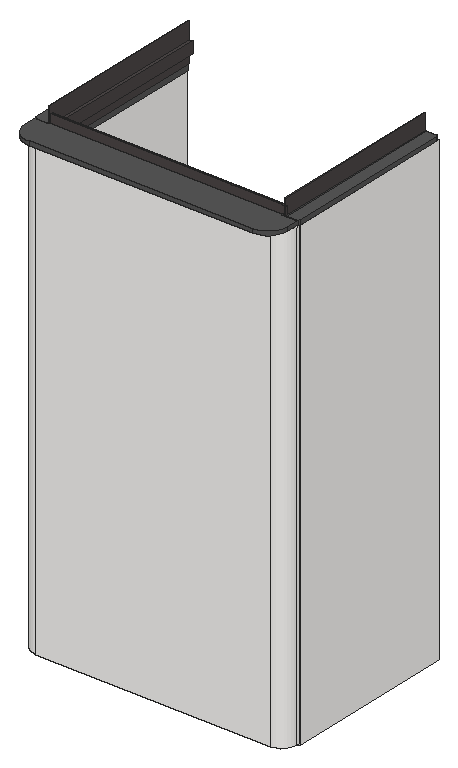
Revit family "vanity unit for handrinse basin, door hinge", category Furniture, Revit 2019 (continued)
Definition of nested family "vanity unit 340_245 for handrinse basin, door hinge right-54016670-diamond matt grey-matt_black-400_content"
  Forms (mm)
    Extrusion 11, solid, visible <- "ContentVisible", detail levels medium+fine
      sketch origin (0, 0, 600) x (1, 0, 0) y (0, 1, 0)
        loop
          line (167, 0) -> (154, 0)
      from 0 to 5
    Extrusion 12, solid, visible <- "ContentVisible", detail levels medium+fine
      sketch origin (0, 0, 0) x (1, 0, 0) y (0, 0, -1)
        loop
          line (-152.5, -575.3) -> (-152.5, -624.5) -> (-151, -624.5) -> (-151, -602.8) -> (-146.4, -602.8) -> (-146.4, -588.3) -> (-151, -588.3) -> (-151, -575.3) -> (-152.5, -575.3)
      from -223.5 to 0
    Extrusion 13, solid, visible <- "ContentVisible", detail levels medium+fine
      sketch origin (0, 0, 0) x (1, 0, 0) y (0, 0, -1)
        loop
          line (146.4, -588.3) -> (146.4, -602.8) -> (151, -602.8) -> (151, -624.5) -> (152.5, -624.5) -> (152.5, -575.3) -> (151, -575.3) -> (151, -588.3) -> (146.4, -588.3)
      from -223.5 to 0
    Extrusion 14, solid, visible <- "ContentVisible", detail levels medium+fine
      sketch origin (0, 0, 0) x (0, 0, -1) y (0, 1, 0)
        loop
          line (-616, -223.5) -> (-567, -223.5) -> (-567, -222) -> (-588.5, -222) -> (-588.5, -217.4) -> (-603, -217.4) -> (-603, -222) -> (-616, -222) -> (-616, -223.5)
      from -152.5 to 152.5
    Extrusion 15, solid, visible <- "ContentVisible", detail levels coarse
      sketch origin (0, -133, 0) x (1, 0, 0) y (0, 1, 0)
        loop
          line (-170, -133) -> (170, -133) -> (170, 133) -> (-170, 133) -> (-170, -133)
      from 0 to 624.5
  Dimensions and locks
    aligned and locked: level to plane 2
Definition of nested family "vanity unit 340_245 for handrinse basin, door hinge right-54016700-diamond matt grey-matt_white-200_content"
  Parameters (values of type "Vanity unit 340_245 for handrinse basin, door hinge right-54016700-Diamond Matt Grey-MATT_WHITE-200_Content")
    etim7_EC011381 = "EC011381"
    WEIGHT = "9.9"
    UNSPSC = "56 | Furniture and Furnishings"
    UNIFORMATII = "E2010 | Fixed Furnishings"
    UNICLASS_2015_CODE = "40_30_78_05"
    UNICLASS2015 = "Pr_40_30_78_05 | Bathroom furniture"
    SURFACE = "MATT_WHITE"
    REGIONSET = "Worldwide"
    PRODUCTURL = "https://pro.hansgrohe.com/articledetail--54016000"
    PRODUCTGROUP = "vanity unit"
    PRODUCTFAMILY = "Xelu Q"
    PERMALINK = "54016XXX"
    OMNICLASS = "23-21 19 15 33 13 | Residential Bathroom Specialty Casework"
    OBJECTTYPE = "Object (single object)"
    OBERFLAECHE = "Diamond Matt Grey"
    NN = "Vanity Unit for handrinse basin, door hinge"
    NBSYN = "$BASENUMBER.-$ARTNR.-$OBERFLAECHE.-$SURFACE.-$LODLEVEL."
    NB = "Vanity unit 340/245 for handrinse basin, door hinge right-54016700-Diamond Matt Grey-MATT_WHITE-200"
    NAME = "Xelu Q Vanity unit Diamond Matt Grey 340/245 for handrinse basin, door hinge right"
    Model = "Vanity unit 340/245 for handrinse basin, door hinge right-54016700-Diamond Matt Grey-MATT_WHITE-200"
    Manufacturer = "Hansgrohe"
    MASTERFORMAT = "12 35 30.23 | Bathroom Casework"
    LODLEVEL = "200"
    LINA = "Vanity unit 340/245 for handrinse basin, door hinge right-54016700-Diamond Matt Grey-MATT_WHITE-200"
    L = 340
    IFC = "Furnishing element"
    GTINCODE = "4059625454886"
    ETIM = "EC011381 | Bathroom furniture set"
    Default Elevation = 1219.2 mm
    DESIGN = "Germany"
    ContentVisible [instance] = yes
    CATALOG = "Hansgrohe"
    BIMOBJECT = "Sanitary: Compound units"
    BASENUMBER = "Vanity unit 340/245 for handrinse basin, door hinge right"
    ARTNR = "54016700"
  Reference planes
    plane 1 "Center (Front/Back)": y = 0
    plane 2: z = 0
    plane 3 "Center (Left/Right)": x = 0
  Forms (mm)
    Extrusion 1, solid, visible <- "ContentVisible", detail levels medium+fine
      sketch origin (0, 0, 0) x (1, 0, 0) y (0, 1, 0)
        loop
          line (-170, 0) -> (-170, -246) -> (170, -246) -> (170, 0) -> (154, 0) -> (154, -72) -> (-154, -72) -> (-154, 0) -> (-170, 0)
      from 0 to 600
    Extrusion 2, solid, visible <- "ContentVisible", detail levels medium+fine
      sketch origin (0, 0, 600) x (1, 0, 0) y (0, 1, 0)
        loop
          line (-168.5, -223.5) -> (-168.5, -266) -> (168.5, -266) -> (168.5, -223.5) -> (-168.5, -223.5)
      from 0 to 5
    Extrusion 3, solid, visible <- "ContentVisible", detail levels medium+fine
      sketch origin (0, 0, 0) x (1, 0, 0) y (0, 0, -1)
        loop
          line (-154, -566.8) -> (-154, -605) -> (-152.5, -605) -> (-152.5, -566.8) -> (-154, -566.8)
      from -225 to 0
    Extrusion 4, solid, visible <- "ContentVisible", detail levels medium+fine
      sketch origin (0, 0, 0) x (1, 0, 0) y (0, 0, -1)
        loop
          line (152.5, -566.8) -> (152.5, -605) -> (154, -605) -> (154, -566.8) -> (152.5, -566.8)
      from -225 to 0
    Extrusion 5, solid, visible <- "ContentVisible", detail levels medium+fine
      sketch origin (0, 0, 600) x (1, 0, 0) y (0, 1, 0)
        loop
          line (-170, 0) -> (-170, -225) -> (-154, -225) -> (-154, 0) -> (-170, 0)
      from 0 to 5
    Extrusion 6, solid, visible <- "ContentVisible", detail levels medium+fine
      sketch origin (0, 0, 600) x (1, 0, 0) y (0, 1, 0)
        loop
          line (154, 0) -> (154, -225) -> (170, -225) -> (170, 0) -> (154, 0)
      from 0 to 5
    Extrusion 7, solid, visible <- "ContentVisible", detail levels medium+fine
      sketch origin (0, 0, 0) x (1, 0, 0) y (0, 0, -1)
        loop
          line (-152.5, -575.3) -> (-152.5, -624.5) -> (-146.4, -624.5) -> (-146.4, -575.3) -> (-152.5, -575.3)
      from -223.5 to 0
    Extrusion 8, solid, visible <- "ContentVisible", detail levels medium+fine
      sketch origin (0, 0, 0) x (1, 0, 0) y (0, 0, -1)
        loop
          line (146.4, -575.3) -> (146.4, -624.5) -> (152.5, -624.5) -> (152.5, -575.3) -> (146.4, -575.3)
      from -223.5 to 0
    Extrusion 9, solid, visible <- "ContentVisible", detail levels medium+fine
      sketch origin (0, 0, 0) x (0, 0, -1) y (0, 1, 0)
        loop
          line (-616, -223.5) -> (-567, -223.5) -> (-567, -217.4) -> (-616, -217.4) -> (-616, -223.5)
      from -152.5 to 152.5
    Extrusion 10, solid, visible <- "ContentVisible", detail levels coarse
      sketch origin (0, -133, 0) x (1, 0, 0) y (0, 1, 0)
        loop
          line (-170, -133) -> (170, -133) -> (170, 133) -> (-170, 133) -> (-170, -133)
      from 0 to 624.5
  Dimensions and locks
    aligned and locked: level to plane 2
Definition of nested family "vanity unit 340_245 for handrinse basin, door hinge right-54016700-diamond matt grey-matt_white-400_content"
  Parameters (values of type "Vanity unit 340_245 for handrinse basin, door hinge right-54016700-Diamond Matt Grey-MATT_WHITE-400_Content")
    etim7_EC011381 = "EC011381"
    WEIGHT = "9.9"
    UNSPSC = "56 | Furniture and Furnishings"
    UNIFORMATII = "E2010 | Fixed Furnishings"
    UNICLASS_2015_CODE = "40_30_78_05"
    UNICLASS2015 = "Pr_40_30_78_05 | Bathroom furniture"
    SURFACE = "MATT_WHITE"
    REGIONSET = "Worldwide"
    PRODUCTURL = "https://pro.hansgrohe.com/articledetail--54016000"
    PRODUCTGROUP = "vanity unit"
    PRODUCTFAMILY = "Xelu Q"
    PERMALINK = "54016XXX"
    OMNICLASS = "23-21 19 15 33 13 | Residential Bathroom Specialty Casework"
    OBJECTTYPE = "Object (single object)"
    OBERFLAECHE = "Diamond Matt Grey"
    NN = "Vanity Unit for handrinse basin, door hinge"
    NBSYN = "$BASENUMBER.-$ARTNR.-$OBERFLAECHE.-$SURFACE.-$LODLEVEL."
    NB = "Vanity unit 340/245 for handrinse basin, door hinge right-54016700-Diamond Matt Grey-MATT_WHITE-400"
    NAME = "Xelu Q Vanity unit Diamond Matt Grey 340/245 for handrinse basin, door hinge right"
    Model = "Vanity unit 340/245 for handrinse basin, door hinge right-54016700-Diamond Matt Grey-MATT_WHITE-400"
    Manufacturer = "Hansgrohe"
    MASTERFORMAT = "12 35 30.23 | Bathroom Casework"
    LODLEVEL = "400"
    LINA = "Vanity unit 340/245 for handrinse basin, door hinge right-54016700-Diamond Matt Grey-MATT_WHITE-400"
    L = 340
    IFC = "Furnishing element"
    GTINCODE = "4059625454886"
    ETIM = "EC011381 | Bathroom furniture set"
    Default Elevation = 1219.2 mm
    DESIGN = "Germany"
    ContentVisible [instance] = yes
    CATALOG = "Hansgrohe"
    BIMOBJECT = "Sanitary: Compound units"
    BASENUMBER = "Vanity unit 340/245 for handrinse basin, door hinge right"
    ARTNR = "54016700"
  Reference planes
    plane 1 "Center (Front/Back)": y = 0
    plane 2: z = 0
    plane 3 "Center (Left/Right)": x = 0
  Forms (mm)
    Extrusion 1, solid, visible <- "ContentVisible", detail levels medium+fine
      sketch origin (0, 0, 0) x (1, 0, 0) y (0, 1, 0)
        loop
          line (-170, 0) -> (-170, -222)
          arc (-170, -222) -> (-169.121, -224.121) -> (-167, -225) r 3
          line (-167, -225) -> (-154, -225) -> (-154, 0) -> (-170, 0)
      from 0 to 600
    Extrusion 2, solid, visible <- "ContentVisible", detail levels medium+fine
      sketch origin (0, 0, 2) x (1, 0, 0) y (0, 1, 0)
        loop
          line (-154, -88) -> (-154, -225) -> (154, -225) -> (154, -88) -> (-154, -88)
      from 0 to 16
    Extrusion 3, solid, visible <- "ContentVisible", detail levels medium+fine
      sketch origin (0, 0, 0) x (1, 0, 0) y (0, 1, 0)
        loop
          line (154, 0) -> (154, -225) -> (167, -225)
          arc (167, -225) -> (169.121, -224.121) -> (170, -222) r 3
          line (170, -222) -> (170, 0) -> (154, 0)
      from 0 to 600
    Extrusion 4, solid, visible <- "ContentVisible", detail levels medium+fine
      sketch origin (0, 0, 2) x (1, 0, 0) y (0, 1, 0)
        loop
          line (-154, -72) -> (-154, -88) -> (154, -88) -> (154, -72) -> (-154, -72)
      from 0 to 126
    Extrusion 5, solid, visible <- "ContentVisible", detail levels medium+fine
      sketch origin (0, 0, 2) x (1, 0, 0) y (0, 1, 0)
        loop
          arc (-170, -227) -> (-164.435, -240.435) -> (-151, -246) r 19
          line (-151, -246) -> (151, -246)
          arc (151, -246) -> (164.435, -240.435) -> (170, -227) r 19
          line (170, -227) -> (170, -225) -> (-170, -225) -> (-170, -227)
      from 0 to 598
    Extrusion 6, solid, visible <- "ContentVisible", detail levels medium+fine
      sketch origin (0, 0, 600) x (1, 0, 0) y (0, 1, 0)
        loop
          line (-168.5, -225) -> (-168.5, -241)
          arc (-168.5, -241) -> (-161.178, -258.678) -> (-143.5, -266) r 25
          line (-143.5, -266) -> (143.5, -266)
          arc (143.5, -266) -> (161.178, -258.678) -> (168.5, -241) r 25
          line (168.5, -241) -> (168.5, -225) -> (148.5, -225) -> (148.5, -223.5) -> (-148.5, -223.5) -> (-148.5, -225) -> (-168.5, -225)
      from 0 to 5
    Extrusion 7, solid, visible <- "ContentVisible", detail levels medium+fine
      sketch origin (0, 0, 0) x (0, 0, -1) y (0, 1, 0)
        loop
          line (-600, -223.5) -> (-600, -225) -> (-570, -225) -> (-570, -223.5) -> (-600, -223.5)
      from -148.5 to 148.5
    Extrusion 8, solid, visible <- "ContentVisible", detail levels medium+fine
      sketch origin (0, 0, 0) x (1, 0, 0) y (0, 0, -1)
        loop
          line (-154, -566.8) -> (-154, -605) -> (-152.5, -605) -> (-152.5, -566.8) -> (-154, -566.8)
      from -225 to 0
    Extrusion 9, solid, visible <- "ContentVisible", detail levels medium+fine
      sketch origin (0, 0, 0) x (1, 0, 0) y (0, 0, -1)
        loop
          line (152.5, -566.8) -> (152.5, -605) -> (154, -605) -> (154, -566.8) -> (152.5, -566.8)
      from -225 to 0
    Extrusion 10, solid, visible <- "ContentVisible", detail levels medium+fine
      sketch origin (0, 0, 600) x (1, 0, 0) y (0, 1, 0)
        loop
          line (-170, -3) -> (-170, -222)
          arc (-170, -222) -> (-169.121, -224.121) -> (-167, -225) r 3
          line (-167, -225) -> (-154, -225) -> (-154, 0) -> (-167, 0)
          arc (-167, 0) -> (-169.121, -0.879) -> (-170, -3) r 3
      from 0 to 5
    Extrusion 11, solid, visible <- "ContentVisible", detail levels medium+fine
      sketch origin (0, 0, 600) x (1, 0, 0) y (0, 1, 0)
        loop
          line (154, 0) -> (154, -225) -> (167, -225)
          arc (167, -225) -> (169.121, -224.121) -> (170, -222) r 3
          line (170, -222) -> (170, -3)
          arc (170, -3) -> (169.121, -0.879) -> (167, 0) r 3
          line (167, 0) -> (154, 0)
      from 0 to 5
    Extrusion 12, solid, visible <- "ContentVisible", detail levels medium+fine
      sketch origin (0, 0, 0) x (1, 0, 0) y (0, 0, -1)
        loop
          line (-152.5, -575.3) -> (-152.5, -624.5) -> (-151, -624.5) -> (-151, -602.8) -> (-146.4, -602.8) -> (-146.4, -588.3) -> (-151, -588.3) -> (-151, -575.3) -> (-152.5, -575.3)
      from -223.5 to 0
    Extrusion 13, solid, visible <- "ContentVisible", detail levels medium+fine
      sketch origin (0, 0, 0) x (1, 0, 0) y (0, 0, -1)
        loop
          line (146.4, -588.3) -> (146.4, -602.8) -> (151, -602.8) -> (151, -624.5) -> (152.5, -624.5) -> (152.5, -575.3) -> (151, -575.3) -> (151, -588.3) -> (146.4, -588.3)
      from -223.5 to 0
    Extrusion 14, solid, visible <- "ContentVisible", detail levels medium+fine
      sketch origin (0, 0, 0) x (0, 0, -1) y (0, 1, 0)
        loop
          line (-616, -223.5) -> (-567, -223.5) -> (-567, -222) -> (-588.5, -222) -> (-588.5, -217.4) -> (-603, -217.4) -> (-603, -222) -> (-616, -222) -> (-616, -223.5)
      from -152.5 to 152.5
    Extrusion 15, solid, visible <- "ContentVisible", detail levels coarse
      sketch origin (0, -133, 0) x (1, 0, 0) y (0, 1, 0)
        loop
          line (-170, -133) -> (170, -133) -> (170, 133) -> (-170, 133) -> (-170, -133)
      from 0 to 624.5
  Dimensions and locks
    aligned and locked: level to plane 2
Definition of nested family "vanity unit 340_245 for handrinse basin, door hinge right-54017000-natural oak-chrome-200_content"
  Parameters (values of type "Vanity unit 340_245 for handrinse basin, door hinge right-54017000-Natural Oak-CHROME-200_Content")
    etim7_EC011381 = "EC011381"
    WEIGHT = "9.9"
    UNSPSC = "56 | Furniture and Furnishings"
    UNIFORMATII = "E2010 | Fixed Furnishings"
    UNICLASS_2015_CODE = "40_30_78_05"
    UNICLASS2015 = "Pr_40_30_78_05 | Bathroom furniture"
    SURFACE = "CHROME"
    REGIONSET = "Worldwide"
    PRODUCTURL = "https://pro.hansgrohe.com/articledetail--54017000"
    PRODUCTGROUP = "vanity unit"
    PRODUCTFAMILY = "Xelu Q"
    PERMALINK = "54017XXX"
    OMNICLASS = "23-21 19 15 33 13 | Residential Bathroom Specialty Casework"
    OBJECTTYPE = "Object (single object)"
    OBERFLAECHE = "Natural Oak"
    NN = "Vanity Unit for handrinse basin, door hinge"
    NBSYN = "$BASENUMBER.-$ARTNR.-$OBERFLAECHE.-$SURFACE.-$LODLEVEL."
    NB = "Vanity unit 340/245 for handrinse basin, door hinge right-54017000-Natural Oak-CHROME-200"
    NAME = "Xelu Q Vanity unit Natual Oak 340/245 for handrinse basin, door hinge right"
    Model = "Vanity unit 340/245 for handrinse basin, door hinge right-54017000-Natural Oak-CHROME-200"
    Manufacturer = "Hansgrohe"
    MASTERFORMAT = "12 35 30.23 | Bathroom Casework"
    LODLEVEL = "200"
    LINA = "Vanity unit 340/245 for handrinse basin, door hinge right-54017000-Natural Oak-CHROME-200"
    L = 340
    IFC = "Furnishing element"
    GTINCODE = "4059625454855"
    ETIM = "EC011381 | Bathroom furniture set"
    Default Elevation = 1219.2 mm
    DESIGN = "Germany"
    ContentVisible [instance] = yes
    CATALOG = "Hansgrohe"
    BIMOBJECT = "Sanitary: Compound units"
    BASENUMBER = "Vanity unit 340/245 for handrinse basin, door hinge right"
    ARTNR = "54017000"
  Reference planes
    plane 1 "Center (Front/Back)": y = 0
    plane 2: z = 0
    plane 3 "Center (Left/Right)": x = 0
  Forms (mm)
    Extrusion 1, solid, visible <- "ContentVisible", detail levels medium+fine
      sketch origin (0, 0, 0) x (1, 0, 0) y (0, 1, 0)
        loop
          line (-170, 0) -> (-170, -246) -> (170, -246) -> (170, 0) -> (154, 0) -> (154, -72) -> (-154, -72) -> (-154, 0) -> (-170, 0)
      from 0 to 600
    Extrusion 2, solid, visible <- "ContentVisible", detail levels medium+fine
      sketch origin (0, 0, 600) x (1, 0, 0) y (0, 1, 0)
        loop
          line (-168.5, -223.5) -> (-168.5, -266) -> (168.5, -266) -> (168.5, -223.5) -> (-168.5, -223.5)
      from 0 to 5
    Extrusion 3, solid, visible <- "ContentVisible", detail levels medium+fine
      sketch origin (0, 0, 0) x (1, 0, 0) y (0, 0, -1)
        loop
          line (-154, -566.8) -> (-154, -605) -> (-152.5, -605) -> (-152.5, -566.8) -> (-154, -566.8)
      from -225 to 0
    Extrusion 4, solid, visible <- "ContentVisible", detail levels medium+fine
      sketch origin (0, 0, 0) x (1, 0, 0) y (0, 0, -1)
        loop
          line (152.5, -566.8) -> (152.5, -605) -> (154, -605) -> (154, -566.8) -> (152.5, -566.8)
      from -225 to 0
    Extrusion 5, solid, visible <- "ContentVisible", detail levels medium+fine
      sketch origin (0, 0, 600) x (1, 0, 0) y (0, 1, 0)
        loop
          line (-170, 0) -> (-170, -225) -> (-154, -225) -> (-154, 0) -> (-170, 0)
      from 0 to 5
    Extrusion 6, solid, visible <- "ContentVisible", detail levels medium+fine
      sketch origin (0, 0, 600) x (1, 0, 0) y (0, 1, 0)
        loop
          line (154, 0) -> (154, -225) -> (170, -225) -> (170, 0) -> (154, 0)
      from 0 to 5
    Extrusion 7, solid, visible <- "ContentVisible", detail levels medium+fine
      sketch origin (0, 0, 0) x (1, 0, 0) y (0, 0, -1)
        loop
          line (-152.5, -575.3) -> (-152.5, -624.5) -> (-146.4, -624.5) -> (-146.4, -575.3) -> (-152.5, -575.3)
      from -223.5 to 0
    Extrusion 8, solid, visible <- "ContentVisible", detail levels medium+fine
      sketch origin (0, 0, 0) x (1, 0, 0) y (0, 0, -1)
        loop
          line (146.4, -575.3) -> (146.4, -624.5) -> (152.5, -624.5) -> (152.5, -575.3) -> (146.4, -575.3)
      from -223.5 to 0
    Extrusion 9, solid, visible <- "ContentVisible", detail levels medium+fine
      sketch origin (0, 0, 0) x (0, 0, -1) y (0, 1, 0)
        loop
          line (-616, -223.5) -> (-567, -223.5) -> (-567, -217.4) -> (-616, -217.4) -> (-616, -223.5)
      from -152.5 to 152.5
    Extrusion 10, solid, visible <- "ContentVisible", detail levels coarse
      sketch origin (0, -133, 0) x (1, 0, 0) y (0, 1, 0)
        loop
          line (-170, -133) -> (170, -133) -> (170, 133) -> (-170, 133) -> (-170, -133)
      from 0 to 624.5
  Dimensions and locks
    aligned and locked: level to plane 2
Definition of nested family "vanity unit 340_245 for handrinse basin, door hinge right-54017000-natural oak-chrome-400_content"
  Parameters (values of type "Vanity unit 340_245 for handrinse basin, door hinge right-54017000-Natural Oak-CHROME-400_Content")
    etim7_EC011381 = "EC011381"
    WEIGHT = "9.9"
    UNSPSC = "56 | Furniture and Furnishings"
    UNIFORMATII = "E2010 | Fixed Furnishings"
    UNICLASS_2015_CODE = "40_30_78_05"
    UNICLASS2015 = "Pr_40_30_78_05 | Bathroom furniture"
    SURFACE = "CHROME"
    REGIONSET = "Worldwide"
    PRODUCTURL = "https://pro.hansgrohe.com/articledetail--54017000"
    PRODUCTGROUP = "vanity unit"
    PRODUCTFAMILY = "Xelu Q"
    PERMALINK = "54017XXX"
    OMNICLASS = "23-21 19 15 33 13 | Residential Bathroom Specialty Casework"
    OBJECTTYPE = "Object (single object)"
    OBERFLAECHE = "Natural Oak"
    NN = "Vanity Unit for handrinse basin, door hinge"
    NBSYN = "$BASENUMBER.-$ARTNR.-$OBERFLAECHE.-$SURFACE.-$LODLEVEL."
    NB = "Vanity unit 340/245 for handrinse basin, door hinge right-54017000-Natural Oak-CHROME-400"
    NAME = "Xelu Q Vanity unit Natual Oak 340/245 for handrinse basin, door hinge right"
    Model = "Vanity unit 340/245 for handrinse basin, door hinge right-54017000-Natural Oak-CHROME-400"
    Manufacturer = "Hansgrohe"
    MASTERFORMAT = "12 35 30.23 | Bathroom Casework"
    LODLEVEL = "400"
    LINA = "Vanity unit 340/245 for handrinse basin, door hinge right-54017000-Natural Oak-CHROME-400"
    L = 340
    IFC = "Furnishing element"
    GTINCODE = "4059625454855"
    ETIM = "EC011381 | Bathroom furniture set"
    Default Elevation = 1219.2 mm
    DESIGN = "Germany"
    ContentVisible [instance] = yes
    CATALOG = "Hansgrohe"
    BIMOBJECT = "Sanitary: Compound units"
    BASENUMBER = "Vanity unit 340/245 for handrinse basin, door hinge right"
    ARTNR = "54017000"
  Reference planes
    plane 1 "Center (Front/Back)": y = 0
    plane 2: z = 0
    plane 3 "Center (Left/Right)": x = 0
  Forms (mm)
    Extrusion 1, solid, visible <- "ContentVisible", detail levels medium+fine
      sketch origin (0, 0, 0) x (1, 0, 0) y (0, 1, 0)
        loop
          line (-170, 0) -> (-170, -222)
          arc (-170, -222) -> (-169.121, -224.121) -> (-167, -225) r 3
          line (-167, -225) -> (-154, -225) -> (-154, 0) -> (-170, 0)
      from 0 to 600
    Extrusion 2, solid, visible <- "ContentVisible", detail levels medium+fine
      sketch origin (0, 0, 2) x (1, 0, 0) y (0, 1, 0)
        loop
          line (-154, -88) -> (-154, -225) -> (154, -225) -> (154, -88) -> (-154, -88)
      from 0 to 16
    Extrusion 3, solid, visible <- "ContentVisible", detail levels medium+fine
      sketch origin (0, 0, 0) x (1, 0, 0) y (0, 1, 0)
        loop
          line (154, 0) -> (154, -225) -> (167, -225)
          arc (167, -225) -> (169.121, -224.121) -> (170, -222) r 3
          line (170, -222) -> (170, 0) -> (154, 0)
      from 0 to 600
    Extrusion 4, solid, visible <- "ContentVisible", detail levels medium+fine
      sketch origin (0, 0, 2) x (1, 0, 0) y (0, 1, 0)
        loop
          line (-154, -72) -> (-154, -88) -> (154, -88) -> (154, -72) -> (-154, -72)
      from 0 to 126
    Extrusion 5, solid, visible <- "ContentVisible", detail levels medium+fine
      sketch origin (0, 0, 2) x (1, 0, 0) y (0, 1, 0)
        loop
          arc (-170, -227) -> (-164.435, -240.435) -> (-151, -246) r 19
          line (-151, -246) -> (151, -246)
          arc (151, -246) -> (164.435, -240.435) -> (170, -227) r 19
          line (170, -227) -> (170, -225) -> (-170, -225) -> (-170, -227)
      from 0 to 598
    Extrusion 6, solid, visible <- "ContentVisible", detail levels medium+fine
      sketch origin (0, 0, 600) x (1, 0, 0) y (0, 1, 0)
        loop
          line (-168.5, -225) -> (-168.5, -241)
          arc (-168.5, -241) -> (-161.178, -258.678) -> (-143.5, -266) r 25
          line (-143.5, -266) -> (143.5, -266)
          arc (143.5, -266) -> (161.178, -258.678) -> (168.5, -241) r 25
          line (168.5, -241) -> (168.5, -225) -> (148.5, -225) -> (148.5, -223.5) -> (-148.5, -223.5) -> (-148.5, -225) -> (-168.5, -225)
      from 0 to 5
    Extrusion 7, solid, visible <- "ContentVisible", detail levels medium+fine
      sketch origin (0, 0, 0) x (0, 0, -1) y (0, 1, 0)
        loop
          line (-600, -223.5) -> (-600, -225) -> (-570, -225) -> (-570, -223.5) -> (-600, -223.5)
      from -148.5 to 148.5
    Extrusion 8, solid, visible <- "ContentVisible", detail levels medium+fine
      sketch origin (0, 0, 0) x (1, 0, 0) y (0, 0, -1)
        loop
          line (-154, -566.8) -> (-154, -605) -> (-152.5, -605) -> (-152.5, -566.8) -> (-154, -566.8)
      from -225 to 0
    Extrusion 9, solid, visible <- "ContentVisible", detail levels medium+fine
      sketch origin (0, 0, 0) x (1, 0, 0) y (0, 0, -1)
        loop
          line (152.5, -566.8) -> (152.5, -605) -> (154, -605) -> (154, -566.8) -> (152.5, -566.8)
      from -225 to 0
    Extrusion 10, solid, visible <- "ContentVisible", detail levels medium+fine
      sketch origin (0, 0, 600) x (1, 0, 0) y (0, 1, 0)
        loop
          line (-170, -3) -> (-170, -222)
          arc (-170, -222) -> (-169.121, -224.121) -> (-167, -225) r 3
          line (-167, -225) -> (-154, -225) -> (-154, 0) -> (-167, 0)
          arc (-167, 0) -> (-169.121, -0.879) -> (-170, -3) r 3
      from 0 to 5
    Extrusion 11, solid, visible <- "ContentVisible", detail levels medium+fine
      sketch origin (0, 0, 600) x (1, 0, 0) y (0, 1, 0)
        loop
          line (154, 0) -> (154, -225) -> (167, -225)
          arc (167, -225) -> (169.121, -224.121) -> (170, -222) r 3
          line (170, -222) -> (170, -3)
          arc (170, -3) -> (169.121, -0.879) -> (167, 0) r 3
          line (167, 0) -> (154, 0)
      from 0 to 5
    Extrusion 12, solid, visible <- "ContentVisible", detail levels medium+fine
      sketch origin (0, 0, 0) x (1, 0, 0) y (0, 0, -1)
        loop
          line (-152.5, -575.3) -> (-152.5, -624.5) -> (-151, -624.5) -> (-151, -602.8) -> (-146.4, -602.8) -> (-146.4, -588.3) -> (-151, -588.3) -> (-151, -575.3) -> (-152.5, -575.3)
      from -223.5 to 0
    Extrusion 13, solid, visible <- "ContentVisible", detail levels medium+fine
      sketch origin (0, 0, 0) x (1, 0, 0) y (0, 0, -1)
        loop
          line (146.4, -588.3) -> (146.4, -602.8) -> (151, -602.8) -> (151, -624.5) -> (152.5, -624.5) -> (152.5, -575.3) -> (151, -575.3) -> (151, -588.3) -> (146.4, -588.3)
      from -223.5 to 0
    Extrusion 14, solid, visible <- "ContentVisible", detail levels medium+fine
      sketch origin (0, 0, 0) x (0, 0, -1) y (0, 1, 0)
        loop
          line (-616, -223.5) -> (-567, -223.5) -> (-567, -222) -> (-588.5, -222) -> (-588.5, -217.4) -> (-603, -217.4) -> (-603, -222) -> (-616, -222) -> (-616, -223.5)
      from -152.5 to 152.5
    Extrusion 15, solid, visible <- "ContentVisible", detail levels coarse
      sketch origin (0, -133, 0) x (1, 0, 0) y (0, 1, 0)
        loop
          line (-170, -133) -> (170, -133) -> (170, 133) -> (-170, 133) -> (-170, -133)
      from 0 to 624.5
  Dimensions and locks
    aligned and locked: level to plane 2
Definition of nested family "vanity unit 340_245 for handrinse basin, door hinge right-54017670-natural oak-matt_black-200_content"
  Parameters (values of type "Vanity unit 340_245 for handrinse basin, door hinge right-54017670-Natural Oak-MATT_BLACK-200_Content")
    etim7_EC011381 = "EC011381"
    WEIGHT = "9.9"
    UNSPSC = "56 | Furniture and Furnishings"
    UNIFORMATII = "E2010 | Fixed Furnishings"
    UNICLASS_2015_CODE = "40_30_78_05"
    UNICLASS2015 = "Pr_40_30_78_05 | Bathroom furniture"
    SURFACE = "MATT_BLACK"
    REGIONSET = "Worldwide"
    PRODUCTURL = "https://pro.hansgrohe.com/articledetail--54017000"
    PRODUCTGROUP = "vanity unit"
    PRODUCTFAMILY = "Xelu Q"
    PERMALINK = "54017XXX"
    OMNICLASS = "23-21 19 15 33 13 | Residential Bathroom Specialty Casework"
    OBJECTTYPE = "Object (single object)"
    OBERFLAECHE = "Natural Oak"
    NN = "Vanity Unit for handrinse basin, door hinge"
    NBSYN = "$BASENUMBER.-$ARTNR.-$OBERFLAECHE.-$SURFACE.-$LODLEVEL."
    NB = "Vanity unit 340/245 for handrinse basin, door hinge right-54017670-Natural Oak-MATT_BLACK-200"
    NAME = "Xelu Q Vanity unit Natual Oak 340/245 for handrinse basin, door hinge right"
    Model = "Vanity unit 340/245 for handrinse basin, door hinge right-54017670-Natural Oak-MATT_BLACK-200"
    Manufacturer = "Hansgrohe"
    MASTERFORMAT = "12 35 30.23 | Bathroom Casework"
    LODLEVEL = "200"
    LINA = "Vanity unit 340/245 for handrinse basin, door hinge right-54017670-Natural Oak-MATT_BLACK-200"
    L = 340
    IFC = "Furnishing element"
    GTINCODE = "4059625454855"
    ETIM = "EC011381 | Bathroom furniture set"
    Default Elevation = 1219.2 mm
    DESIGN = "Germany"
    ContentVisible [instance] = yes
    CATALOG = "Hansgrohe"
    BIMOBJECT = "Sanitary: Compound units"
    BASENUMBER = "Vanity unit 340/245 for handrinse basin, door hinge right"
    ARTNR = "54017670"
  Reference planes
    plane 1 "Center (Front/Back)": y = 0
    plane 2: z = 0
    plane 3 "Center (Left/Right)": x = 0
  Forms (mm)
    Extrusion 1, solid, visible <- "ContentVisible", detail levels medium+fine
      sketch origin (0, 0, 0) x (1, 0, 0) y (0, 1, 0)
        loop
          line (-170, 0) -> (-170, -246) -> (170, -246) -> (170, 0) -> (154, 0) -> (154, -72) -> (-154, -72) -> (-154, 0) -> (-170, 0)
      from 0 to 600
    Extrusion 2, solid, visible <- "ContentVisible", detail levels medium+fine
      sketch origin (0, 0, 600) x (1, 0, 0) y (0, 1, 0)
        loop
          line (-168.5, -223.5) -> (-168.5, -266) -> (168.5, -266) -> (168.5, -223.5) -> (-168.5, -223.5)
      from 0 to 5
    Extrusion 3, solid, visible <- "ContentVisible", detail levels medium+fine
      sketch origin (0, 0, 0) x (1, 0, 0) y (0, 0, -1)
        loop
          line (-154, -566.8) -> (-154, -605) -> (-152.5, -605) -> (-152.5, -566.8) -> (-154, -566.8)
      from -225 to 0
    Extrusion 4, solid, visible <- "ContentVisible", detail levels medium+fine
      sketch origin (0, 0, 0) x (1, 0, 0) y (0, 0, -1)
        loop
          line (152.5, -566.8) -> (152.5, -605) -> (154, -605) -> (154, -566.8) -> (152.5, -566.8)
      from -225 to 0
    Extrusion 5, solid, visible <- "ContentVisible", detail levels medium+fine
      sketch origin (0, 0, 600) x (1, 0, 0) y (0, 1, 0)
        loop
          line (-170, 0) -> (-170, -225) -> (-154, -225) -> (-154, 0) -> (-170, 0)
      from 0 to 5
    Extrusion 6, solid, visible <- "ContentVisible", detail levels medium+fine
      sketch origin (0, 0, 600) x (1, 0, 0) y (0, 1, 0)
        loop
          line (154, 0) -> (154, -225) -> (170, -225) -> (170, 0) -> (154, 0)
      from 0 to 5
    Extrusion 7, solid, visible <- "ContentVisible", detail levels medium+fine
      sketch origin (0, 0, 0) x (1, 0, 0) y (0, 0, -1)
        loop
          line (-152.5, -575.3) -> (-152.5, -624.5) -> (-146.4, -624.5) -> (-146.4, -575.3) -> (-152.5, -575.3)
      from -223.5 to 0
    Extrusion 8, solid, visible <- "ContentVisible", detail levels medium+fine
      sketch origin (0, 0, 0) x (1, 0, 0) y (0, 0, -1)
        loop
          line (146.4, -575.3) -> (146.4, -624.5) -> (152.5, -624.5) -> (152.5, -575.3) -> (146.4, -575.3)
      from -223.5 to 0
    Extrusion 9, solid, visible <- "ContentVisible", detail levels medium+fine
      sketch origin (0, 0, 0) x (0, 0, -1) y (0, 1, 0)
        loop
          line (-616, -223.5) -> (-567, -223.5) -> (-567, -217.4) -> (-616, -217.4) -> (-616, -223.5)
      from -152.5 to 152.5
    Extrusion 10, solid, visible <- "ContentVisible", detail levels coarse
      sketch origin (0, -133, 0) x (1, 0, 0) y (0, 1, 0)
        loop
          line (-170, -133) -> (170, -133) -> (170, 133) -> (-170, 133) -> (-170, -133)
      from 0 to 624.5
  Dimensions and locks
    aligned and locked: level to plane 2
Definition of nested family "vanity unit 340_245 for handrinse basin, door hinge right-54017670-natural oak-matt_black-400_content"
  Parameters (values of type "Vanity unit 340_245 for handrinse basin, door hinge right-54017670-Natural Oak-MATT_BLACK-400_Content")
    etim7_EC011381 = "EC011381"
    WEIGHT = "9.9"
    UNSPSC = "56 | Furniture and Furnishings"
    UNIFORMATII = "E2010 | Fixed Furnishings"
    UNICLASS_2015_CODE = "40_30_78_05"
    UNICLASS2015 = "Pr_40_30_78_05 | Bathroom furniture"
    SURFACE = "MATT_BLACK"
    REGIONSET = "Worldwide"
    PRODUCTURL = "https://pro.hansgrohe.com/articledetail--54017000"
    PRODUCTGROUP = "vanity unit"
    PRODUCTFAMILY = "Xelu Q"
    PERMALINK = "54017XXX"
    OMNICLASS = "23-21 19 15 33 13 | Residential Bathroom Specialty Casework"
    OBJECTTYPE = "Object (single object)"
    OBERFLAECHE = "Natural Oak"
    NN = "Vanity Unit for handrinse basin, door hinge"
    NBSYN = "$BASENUMBER.-$ARTNR.-$OBERFLAECHE.-$SURFACE.-$LODLEVEL."
    NB = "Vanity unit 340/245 for handrinse basin, door hinge right-54017670-Natural Oak-MATT_BLACK-400"
    NAME = "Xelu Q Vanity unit Natual Oak 340/245 for handrinse basin, door hinge right"
    Model = "Vanity unit 340/245 for handrinse basin, door hinge right-54017670-Natural Oak-MATT_BLACK-400"
    Manufacturer = "Hansgrohe"
    MASTERFORMAT = "12 35 30.23 | Bathroom Casework"
    LODLEVEL = "400"
    LINA = "Vanity unit 340/245 for handrinse basin, door hinge right-54017670-Natural Oak-MATT_BLACK-400"
    L = 340
    IFC = "Furnishing element"
    GTINCODE = "4059625454855"
    ETIM = "EC011381 | Bathroom furniture set"
    Default Elevation = 1219.2 mm
    DESIGN = "Germany"
    ContentVisible [instance] = yes
    CATALOG = "Hansgrohe"
    BIMOBJECT = "Sanitary: Compound units"
    BASENUMBER = "Vanity unit 340/245 for handrinse basin, door hinge right"
    ARTNR = "54017670"
  Reference planes
    plane 1 "Center (Front/Back)": y = 0
    plane 2: z = 0
    plane 3 "Center (Left/Right)": x = 0
  Forms (mm)
    Extrusion 1, solid, visible <- "ContentVisible", detail levels medium+fine
      sketch origin (0, 0, 0) x (1, 0, 0) y (0, 1, 0)
        loop
          line (-170, 0) -> (-170, -222)
          arc (-170, -222) -> (-169.121, -224.121) -> (-167, -225) r 3
          line (-167, -225) -> (-154, -225) -> (-154, 0) -> (-170, 0)
      from 0 to 600
    Extrusion 2, solid, visible <- "ContentVisible", detail levels medium+fine
      sketch origin (0, 0, 2) x (1, 0, 0) y (0, 1, 0)
        loop
          line (-154, -88) -> (-154, -225) -> (154, -225) -> (154, -88) -> (-154, -88)
      from 0 to 16
    Extrusion 3, solid, visible <- "ContentVisible", detail levels medium+fine
      sketch origin (0, 0, 0) x (1, 0, 0) y (0, 1, 0)
        loop
          line (154, 0) -> (154, -225) -> (167, -225)
          arc (167, -225) -> (169.121, -224.121) -> (170, -222) r 3
          line (170, -222) -> (170, 0) -> (154, 0)
      from 0 to 600
    Extrusion 4, solid, visible <- "ContentVisible", detail levels medium+fine
      sketch origin (0, 0, 2) x (1, 0, 0) y (0, 1, 0)
        loop
          line (-154, -72) -> (-154, -88) -> (154, -88) -> (154, -72) -> (-154, -72)
      from 0 to 126
    Extrusion 5, solid, visible <- "ContentVisible", detail levels medium+fine
      sketch origin (0, 0, 2) x (1, 0, 0) y (0, 1, 0)
        loop
          arc (-170, -227) -> (-164.435, -240.435) -> (-151, -246) r 19
          line (-151, -246) -> (151, -246)
          arc (151, -246) -> (164.435, -240.435) -> (170, -227) r 19
          line (170, -227) -> (170, -225) -> (-170, -225) -> (-170, -227)
      from 0 to 598
    Extrusion 6, solid, visible <- "ContentVisible", detail levels medium+fine
      sketch origin (0, 0, 600) x (1, 0, 0) y (0, 1, 0)
        loop
          line (-168.5, -225) -> (-168.5, -241)
          arc (-168.5, -241) -> (-161.178, -258.678) -> (-143.5, -266) r 25
          line (-143.5, -266) -> (143.5, -266)
          arc (143.5, -266) -> (161.178, -258.678) -> (168.5, -241) r 25
          line (168.5, -241) -> (168.5, -225) -> (148.5, -225) -> (148.5, -223.5) -> (-148.5, -223.5) -> (-148.5, -225) -> (-168.5, -225)
      from 0 to 5
    Extrusion 7, solid, visible <- "ContentVisible", detail levels medium+fine
      sketch origin (0, 0, 0) x (0, 0, -1) y (0, 1, 0)
        loop
          line (-600, -223.5) -> (-600, -225) -> (-570, -225) -> (-570, -223.5) -> (-600, -223.5)
      from -148.5 to 148.5
    Extrusion 8, solid, visible <- "ContentVisible", detail levels medium+fine
      sketch origin (0, 0, 0) x (1, 0, 0) y (0, 0, -1)
        loop
          line (-154, -566.8) -> (-154, -605) -> (-152.5, -605) -> (-152.5, -566.8) -> (-154, -566.8)
      from -225 to 0
    Extrusion 9, solid, visible <- "ContentVisible", detail levels medium+fine
      sketch origin (0, 0, 0) x (1, 0, 0) y (0, 0, -1)
        loop
          line (152.5, -566.8) -> (152.5, -605) -> (154, -605) -> (154, -566.8) -> (152.5, -566.8)
      from -225 to 0
    Extrusion 10, solid, visible <- "ContentVisible", detail levels medium+fine
      sketch origin (0, 0, 600) x (1, 0, 0) y (0, 1, 0)
        loop
          line (-170, -3) -> (-170, -222)
          arc (-170, -222) -> (-169.121, -224.121) -> (-167, -225) r 3
          line (-167, -225) -> (-154, -225) -> (-154, 0) -> (-167, 0)
          arc (-167, 0) -> (-169.121, -0.879) -> (-170, -3) r 3
      from 0 to 5
    Extrusion 11, solid, visible <- "ContentVisible", detail levels medium+fine
      sketch origin (0, 0, 600) x (1, 0, 0) y (0, 1, 0)
        loop
          line (154, 0) -> (154, -225) -> (167, -225)
          arc (167, -225) -> (169.121, -224.121) -> (170, -222) r 3
          line (170, -222) -> (170, -3)
          arc (170, -3) -> (169.121, -0.879) -> (167, 0) r 3
          line (167, 0) -> (154, 0)
      from 0 to 5
    Extrusion 12, solid, visible <- "ContentVisible", detail levels medium+fine
      sketch origin (0, 0, 0) x (1, 0, 0) y (0, 0, -1)
        loop
          line (-152.5, -575.3) -> (-152.5, -624.5) -> (-151, -624.5) -> (-151, -602.8) -> (-146.4, -602.8) -> (-146.4, -588.3) -> (-151, -588.3) -> (-151, -575.3) -> (-152.5, -575.3)
      from -223.5 to 0
    Extrusion 13, solid, visible <- "ContentVisible", detail levels medium+fine
      sketch origin (0, 0, 0) x (1, 0, 0) y (0, 0, -1)
        loop
          line (146.4, -588.3) -> (146.4, -602.8) -> (151, -602.8) -> (151, -624.5) -> (152.5, -624.5) -> (152.5, -575.3) -> (151, -575.3) -> (151, -588.3) -> (146.4, -588.3)
      from -223.5 to 0
    Extrusion 14, solid, visible <- "ContentVisible", detail levels medium+fine
      sketch origin (0, 0, 0) x (0, 0, -1) y (0, 1, 0)
        loop
          line (-616, -223.5) -> (-567, -223.5) -> (-567, -222) -> (-588.5, -222) -> (-588.5, -217.4) -> (-603, -217.4) -> (-603, -222) -> (-616, -222) -> (-616, -223.5)
      from -152.5 to 152.5
    Extrusion 15, solid, visible <- "ContentVisible", detail levels coarse
      sketch origin (0, -133, 0) x (1, 0, 0) y (0, 1, 0)
        loop
          line (-170, -133) -> (170, -133) -> (170, 133) -> (-170, 133) -> (-170, -133)
      from 0 to 624.5
  Dimensions and locks
    aligned and locked: level to plane 2
Definition of nested family "vanity unit 340_245 for handrinse basin, door hinge right-54017700-natural oak-matt_white-200_content"
  Parameters (values of type "Vanity unit 340_245 for handrinse basin, door hinge right-54017700-Natural Oak-MATT_WHITE-200_Content")
    etim7_EC011381 = "EC011381"
    WEIGHT = "9.9"
    UNSPSC = "56 | Furniture and Furnishings"
    UNIFORMATII = "E2010 | Fixed Furnishings"
    UNICLASS_2015_CODE = "40_30_78_05"
    UNICLASS2015 = "Pr_40_30_78_05 | Bathroom furniture"
    SURFACE = "MATT_WHITE"
    REGIONSET = "Worldwide"
    PRODUCTURL = "https://pro.hansgrohe.com/articledetail--54017000"
    PRODUCTGROUP = "vanity unit"
    PRODUCTFAMILY = "Xelu Q"
    PERMALINK = "54017XXX"
    OMNICLASS = "23-21 19 15 33 13 | Residential Bathroom Specialty Casework"
    OBJECTTYPE = "Object (single object)"
    OBERFLAECHE = "Natural Oak"
    NN = "Vanity Unit for handrinse basin, door hinge"
    NBSYN = "$BASENUMBER.-$ARTNR.-$OBERFLAECHE.-$SURFACE.-$LODLEVEL."
    NB = "Vanity unit 340/245 for handrinse basin, door hinge right-54017700-Natural Oak-MATT_WHITE-200"
    NAME = "Xelu Q Vanity unit Natual Oak 340/245 for handrinse basin, door hinge right"
    Model = "Vanity unit 340/245 for handrinse basin, door hinge right-54017700-Natural Oak-MATT_WHITE-200"
    Manufacturer = "Hansgrohe"
    MASTERFORMAT = "12 35 30.23 | Bathroom Casework"
    LODLEVEL = "200"
    LINA = "Vanity unit 340/245 for handrinse basin, door hinge right-54017700-Natural Oak-MATT_WHITE-200"
    L = 340
    IFC = "Furnishing element"
    GTINCODE = "4059625454855"
    ETIM = "EC011381 | Bathroom furniture set"
    Default Elevation = 1219.2 mm
    DESIGN = "Germany"
    ContentVisible [instance] = yes
    CATALOG = "Hansgrohe"
    BIMOBJECT = "Sanitary: Compound units"
    BASENUMBER = "Vanity unit 340/245 for handrinse basin, door hinge right"
    ARTNR = "54017700"
  Reference planes
    plane 1 "Center (Front/Back)": y = 0
    plane 2: z = 0
    plane 3 "Center (Left/Right)": x = 0
  Forms (mm)
    Extrusion 1, solid, visible <- "ContentVisible", detail levels medium+fine
      sketch origin (0, 0, 0) x (1, 0, 0) y (0, 1, 0)
        loop
          line (-170, 0) -> (-170, -246) -> (170, -246) -> (170, 0) -> (154, 0) -> (154, -72) -> (-154, -72) -> (-154, 0) -> (-170, 0)
      from 0 to 600
    Extrusion 2, solid, visible <- "ContentVisible", detail levels medium+fine
      sketch origin (0, 0, 600) x (1, 0, 0) y (0, 1, 0)
        loop
          line (-168.5, -223.5) -> (-168.5, -266) -> (168.5, -266) -> (168.5, -223.5) -> (-168.5, -223.5)
      from 0 to 5
    Extrusion 3, solid, visible <- "ContentVisible", detail levels medium+fine
      sketch origin (0, 0, 0) x (1, 0, 0) y (0, 0, -1)
        loop
          line (-154, -566.8) -> (-154, -605) -> (-152.5, -605) -> (-152.5, -566.8) -> (-154, -566.8)
      from -225 to 0
    Extrusion 4, solid, visible <- "ContentVisible", detail levels medium+fine
      sketch origin (0, 0, 0) x (1, 0, 0) y (0, 0, -1)
        loop
          line (152.5, -566.8) -> (152.5, -605) -> (154, -605) -> (154, -566.8) -> (152.5, -566.8)
      from -225 to 0
    Extrusion 5, solid, visible <- "ContentVisible", detail levels medium+fine
      sketch origin (0, 0, 600) x (1, 0, 0) y (0, 1, 0)
        loop
          line (-170, 0) -> (-170, -225) -> (-154, -225) -> (-154, 0) -> (-170, 0)
      from 0 to 5
    Extrusion 6, solid, visible <- "ContentVisible", detail levels medium+fine
      sketch origin (0, 0, 600) x (1, 0, 0) y (0, 1, 0)
        loop
          line (154, 0) -> (154, -225) -> (170, -225) -> (170, 0) -> (154, 0)
      from 0 to 5
    Extrusion 7, solid, visible <- "ContentVisible", detail levels medium+fine
      sketch origin (0, 0, 0) x (1, 0, 0) y (0, 0, -1)
        loop
          line (-152.5, -575.3) -> (-152.5, -624.5) -> (-146.4, -624.5) -> (-146.4, -575.3) -> (-152.5, -575.3)
      from -223.5 to 0
    Extrusion 8, solid, visible <- "ContentVisible", detail levels medium+fine
      sketch origin (0, 0, 0) x (1, 0, 0) y (0, 0, -1)
        loop
          line (146.4, -575.3) -> (146.4, -624.5) -> (152.5, -624.5) -> (152.5, -575.3) -> (146.4, -575.3)
      from -223.5 to 0
    Extrusion 9, solid, visible <- "ContentVisible", detail levels medium+fine
      sketch origin (0, 0, 0) x (0, 0, -1) y (0, 1, 0)
        loop
          line (-616, -223.5) -> (-567, -223.5) -> (-567, -217.4) -> (-616, -217.4) -> (-616, -223.5)
      from -152.5 to 152.5
    Extrusion 10, solid, visible <- "ContentVisible", detail levels coarse
      sketch origin (0, -133, 0) x (1, 0, 0) y (0, 1, 0)
        loop
          line (-170, -133) -> (170, -133) -> (170, 133) -> (-170, 133) -> (-170, -133)
      from 0 to 624.5
  Dimensions and locks
    aligned and locked: level to plane 2
Definition of nested family "vanity unit 340_245 for handrinse basin, door hinge right-54017700-natural oak-matt_white-400_content"
  Parameters (values of type "Vanity unit 340_245 for handrinse basin, door hinge right-54017700-Natural Oak-MATT_WHITE-400_Content")
    etim7_EC011381 = "EC011381"
    WEIGHT = "9.9"
    UNSPSC = "56 | Furniture and Furnishings"
    UNIFORMATII = "E2010 | Fixed Furnishings"
    UNICLASS_2015_CODE = "40_30_78_05"
    UNICLASS2015 = "Pr_40_30_78_05 | Bathroom furniture"
    SURFACE = "MATT_WHITE"
    REGIONSET = "Worldwide"
    PRODUCTURL = "https://pro.hansgrohe.com/articledetail--54017000"
    PRODUCTGROUP = "vanity unit"
    PRODUCTFAMILY = "Xelu Q"
    PERMALINK = "54017XXX"
    OMNICLASS = "23-21 19 15 33 13 | Residential Bathroom Specialty Casework"
    OBJECTTYPE = "Object (single object)"
    OBERFLAECHE = "Natural Oak"
    NN = "Vanity Unit for handrinse basin, door hinge"
    NBSYN = "$BASENUMBER.-$ARTNR.-$OBERFLAECHE.-$SURFACE.-$LODLEVEL."
    NB = "Vanity unit 340/245 for handrinse basin, door hinge right-54017700-Natural Oak-MATT_WHITE-400"
    NAME = "Xelu Q Vanity unit Natual Oak 340/245 for handrinse basin, door hinge right"
    Model = "Vanity unit 340/245 for handrinse basin, door hinge right-54017700-Natural Oak-MATT_WHITE-400"
    Manufacturer = "Hansgrohe"
    MASTERFORMAT = "12 35 30.23 | Bathroom Casework"
    LODLEVEL = "400"
    LINA = "Vanity unit 340/245 for handrinse basin, door hinge right-54017700-Natural Oak-MATT_WHITE-400"
    L = 340
    IFC = "Furnishing element"
    GTINCODE = "4059625454855"
    ETIM = "EC011381 | Bathroom furniture set"
    Default Elevation = 1219.2 mm
    DESIGN = "Germany"
    ContentVisible [instance] = yes
    CATALOG = "Hansgrohe"
    BIMOBJECT = "Sanitary: Compound units"
    BASENUMBER = "Vanity unit 340/245 for handrinse basin, door hinge right"
    ARTNR = "54017700"
  Reference planes
    plane 1 "Center (Front/Back)": y = 0
    plane 2: z = 0
    plane 3 "Center (Left/Right)": x = 0
  Forms (mm)
    Extrusion 1, solid, visible <- "ContentVisible", detail levels medium+fine
      sketch origin (0, 0, 0) x (1, 0, 0) y (0, 1, 0)
        loop
          line (-170, 0) -> (-170, -222)
          arc (-170, -222) -> (-169.121, -224.121) -> (-167, -225) r 3
          line (-167, -225) -> (-154, -225) -> (-154, 0) -> (-170, 0)
      from 0 to 600
    Extrusion 2, solid, visible <- "ContentVisible", detail levels medium+fine
      sketch origin (0, 0, 2) x (1, 0, 0) y (0, 1, 0)
        loop
          line (-154, -88) -> (-154, -225) -> (154, -225) -> (154, -88) -> (-154, -88)
      from 0 to 16
    Extrusion 3, solid, visible <- "ContentVisible", detail levels medium+fine
      sketch origin (0, 0, 0) x (1, 0, 0) y (0, 1, 0)
        loop
          line (154, 0) -> (154, -225) -> (167, -225)
          arc (167, -225) -> (169.121, -224.121) -> (170, -222) r 3
          line (170, -222) -> (170, 0) -> (154, 0)
      from 0 to 600
    Extrusion 4, solid, visible <- "ContentVisible", detail levels medium+fine
      sketch origin (0, 0, 2) x (1, 0, 0) y (0, 1, 0)
        loop
          line (-154, -72) -> (-154, -88) -> (154, -88) -> (154, -72) -> (-154, -72)
      from 0 to 126
    Extrusion 5, solid, visible <- "ContentVisible", detail levels medium+fine
      sketch origin (0, 0, 2) x (1, 0, 0) y (0, 1, 0)
        loop
          arc (-170, -227) -> (-164.435, -240.435) -> (-151, -246) r 19
          line (-151, -246) -> (151, -246)
          arc (151, -246) -> (164.435, -240.435) -> (170, -227) r 19
          line (170, -227) -> (170, -225) -> (-170, -225) -> (-170, -227)
      from 0 to 598
    Extrusion 6, solid, visible <- "ContentVisible", detail levels medium+fine
      sketch origin (0, 0, 600) x (1, 0, 0) y (0, 1, 0)
        loop
          line (-168.5, -225) -> (-168.5, -241)
          arc (-168.5, -241) -> (-161.178, -258.678) -> (-143.5, -266) r 25
          line (-143.5, -266) -> (143.5, -266)
          arc (143.5, -266) -> (161.178, -258.678) -> (168.5, -241) r 25
          line (168.5, -241) -> (168.5, -225) -> (148.5, -225) -> (148.5, -223.5) -> (-148.5, -223.5) -> (-148.5, -225) -> (-168.5, -225)
      from 0 to 5
    Extrusion 7, solid, visible <- "ContentVisible", detail levels medium+fine
      sketch origin (0, 0, 0) x (0, 0, -1) y (0, 1, 0)
        loop
          line (-600, -223.5) -> (-600, -225) -> (-570, -225) -> (-570, -223.5) -> (-600, -223.5)
      from -148.5 to 148.5
    Extrusion 8, solid, visible <- "ContentVisible", detail levels medium+fine
      sketch origin (0, 0, 0) x (1, 0, 0) y (0, 0, -1)
        loop
          line (-154, -566.8) -> (-154, -605) -> (-152.5, -605) -> (-152.5, -566.8) -> (-154, -566.8)
      from -225 to 0
    Extrusion 9, solid, visible <- "ContentVisible", detail levels medium+fine
      sketch origin (0, 0, 0) x (1, 0, 0) y (0, 0, -1)
        loop
          line (152.5, -566.8) -> (152.5, -605) -> (154, -605) -> (154, -566.8) -> (152.5, -566.8)
      from -225 to 0
    Extrusion 10, solid, visible <- "ContentVisible", detail levels medium+fine
      sketch origin (0, 0, 600) x (1, 0, 0) y (0, 1, 0)
        loop
          line (-170, -3) -> (-170, -222)
          arc (-170, -222) -> (-169.121, -224.121) -> (-167, -225) r 3
          line (-167, -225) -> (-154, -225) -> (-154, 0) -> (-167, 0)
          arc (-167, 0) -> (-169.121, -0.879) -> (-170, -3) r 3
      from 0 to 5
    Extrusion 11, solid, visible <- "ContentVisible", detail levels medium+fine
      sketch origin (0, 0, 600) x (1, 0, 0) y (0, 1, 0)
        loop
          line (154, 0) -> (154, -225) -> (167, -225)
          arc (167, -225) -> (169.121, -224.121) -> (170, -222) r 3
          line (170, -222) -> (170, -3)
          arc (170, -3) -> (169.121, -0.879) -> (167, 0) r 3
          line (167, 0) -> (154, 0)
      from 0 to 5
    Extrusion 12, solid, visible <- "ContentVisible", detail levels medium+fine
      sketch origin (0, 0, 0) x (1, 0, 0) y (0, 0, -1)
        loop
          line (-152.5, -575.3) -> (-152.5, -624.5) -> (-151, -624.5) -> (-151, -602.8) -> (-146.4, -602.8) -> (-146.4, -588.3) -> (-151, -588.3) -> (-151, -575.3) -> (-152.5, -575.3)
      from -223.5 to 0
    Extrusion 13, solid, visible <- "ContentVisible", detail levels medium+fine
      sketch origin (0, 0, 0) x (1, 0, 0) y (0, 0, -1)
        loop
          line (146.4, -588.3) -> (146.4, -602.8) -> (151, -602.8) -> (151, -624.5) -> (152.5, -624.5) -> (152.5, -575.3) -> (151, -575.3) -> (151, -588.3) -> (146.4, -588.3)
      from -223.5 to 0
    Extrusion 14, solid, visible <- "ContentVisible", detail levels medium+fine
      sketch origin (0, 0, 0) x (0, 0, -1) y (0, 1, 0)
        loop
          line (-616, -223.5) -> (-567, -223.5) -> (-567, -222) -> (-588.5, -222) -> (-588.5, -217.4) -> (-603, -217.4) -> (-603, -222) -> (-616, -222) -> (-616, -223.5)
      from -152.5 to 152.5
    Extrusion 15, solid, visible <- "ContentVisible", detail levels coarse
      sketch origin (0, -133, 0) x (1, 0, 0) y (0, 1, 0)
        loop
          line (-170, -133) -> (170, -133) -> (170, 133) -> (-170, 133) -> (-170, -133)
      from 0 to 624.5
  Dimensions and locks
    aligned and locked: level to plane 2
Definition of nested family "vanity unit 340_245 for handrinse basin, door hinge right-54018000-dark walnut-chrome-200_content"
  Parameters (values of type "Vanity unit 340_245 for handrinse basin, door hinge right-54018000-Dark Walnut-CHROME-200_Content")
    etim7_EC011381 = "EC011381"
    WEIGHT = "9.9"
    UNSPSC = "56 | Furniture and Furnishings"
    UNIFORMATII = "E2010 | Fixed Furnishings"
    UNICLASS_2015_CODE = "40_30_78_05"
    UNICLASS2015 = "Pr_40_30_78_05 | Bathroom furniture"
    SURFACE = "CHROME"
    REGIONSET = "Worldwide"
    PRODUCTURL = "https://pro.hansgrohe.com/articledetail--54018000"
    PRODUCTGROUP = "vanity unit"
    PRODUCTFAMILY = "Xelu Q"
    PERMALINK = "54018XXX"
    OMNICLASS = "23-21 19 15 33 13 | Residential Bathroom Specialty Casework"
    OBJECTTYPE = "Object (single object)"
    OBERFLAECHE = "Dark Walnut"
    NN = "Vanity Unit for handrinse basin, door hinge"
    NBSYN = "$BASENUMBER.-$ARTNR.-$OBERFLAECHE.-$SURFACE.-$LODLEVEL."
    NB = "Vanity unit 340/245 for handrinse basin, door hinge right-54018000-Dark Walnut-CHROME-200"
    NAME = "Xelu Q Vanity unit Dark Walnut 340/245 for handrinse basin, door hinge right"
    Model = "Vanity unit 340/245 for handrinse basin, door hinge right-54018000-Dark Walnut-CHROME-200"
    Manufacturer = "Hansgrohe"
    MASTERFORMAT = "12 35 30.23 | Bathroom Casework"
    LODLEVEL = "200"
    LINA = "Vanity unit 340/245 for handrinse basin, door hinge right-54018000-Dark Walnut-CHROME-200"
    L = 340
    IFC = "Furnishing element"
    GTINCODE = "4059625455319"
    ETIM = "EC011381 | Bathroom furniture set"
    Default Elevation = 1219.2 mm
    DESIGN = "Germany"
    ContentVisible [instance] = yes
    CATALOG = "Hansgrohe"
    BIMOBJECT = "Sanitary: Compound units"
    BASENUMBER = "Vanity unit 340/245 for handrinse basin, door hinge right"
    ARTNR = "54018000"
  Reference planes
    plane 1 "Center (Front/Back)": y = 0
    plane 2: z = 0
    plane 3 "Center (Left/Right)": x = 0
  Forms (mm)
    Extrusion 1, solid, visible <- "ContentVisible", detail levels medium+fine
      sketch origin (0, 0, 0) x (1, 0, 0) y (0, 1, 0)
        loop
          line (-170, 0) -> (-170, -246) -> (170, -246) -> (170, 0) -> (154, 0) -> (154, -72) -> (-154, -72) -> (-154, 0) -> (-170, 0)
      from 0 to 600
    Extrusion 2, solid, visible <- "ContentVisible", detail levels medium+fine
      sketch origin (0, 0, 600) x (1, 0, 0) y (0, 1, 0)
        loop
          line (-168.5, -223.5) -> (-168.5, -266) -> (168.5, -266) -> (168.5, -223.5) -> (-168.5, -223.5)
      from 0 to 5
    Extrusion 3, solid, visible <- "ContentVisible", detail levels medium+fine
      sketch origin (0, 0, 0) x (1, 0, 0) y (0, 0, -1)
        loop
          line (-154, -566.8) -> (-154, -605) -> (-152.5, -605) -> (-152.5, -566.8) -> (-154, -566.8)
      from -225 to 0
    Extrusion 4, solid, visible <- "ContentVisible", detail levels medium+fine
      sketch origin (0, 0, 0) x (1, 0, 0) y (0, 0, -1)
        loop
          line (152.5, -566.8) -> (152.5, -605) -> (154, -605) -> (154, -566.8) -> (152.5, -566.8)
      from -225 to 0
    Extrusion 5, solid, visible <- "ContentVisible", detail levels medium+fine
      sketch origin (0, 0, 600) x (1, 0, 0) y (0, 1, 0)
        loop
          line (-170, 0) -> (-170, -225) -> (-154, -225) -> (-154, 0) -> (-170, 0)
      from 0 to 5
    Extrusion 6, solid, visible <- "ContentVisible", detail levels medium+fine
      sketch origin (0, 0, 600) x (1, 0, 0) y (0, 1, 0)
        loop
          line (154, 0) -> (154, -225) -> (170, -225) -> (170, 0) -> (154, 0)
      from 0 to 5
    Extrusion 7, solid, visible <- "ContentVisible", detail levels medium+fine
      sketch origin (0, 0, 0) x (1, 0, 0) y (0, 0, -1)
        loop
          line (-152.5, -575.3) -> (-152.5, -624.5) -> (-146.4, -624.5) -> (-146.4, -575.3) -> (-152.5, -575.3)
      from -223.5 to 0
    Extrusion 8, solid, visible <- "ContentVisible", detail levels medium+fine
      sketch origin (0, 0, 0) x (1, 0, 0) y (0, 0, -1)
        loop
          line (146.4, -575.3) -> (146.4, -624.5) -> (152.5, -624.5) -> (152.5, -575.3) -> (146.4, -575.3)
      from -223.5 to 0
    Extrusion 9, solid, visible <- "ContentVisible", detail levels medium+fine
      sketch origin (0, 0, 0) x (0, 0, -1) y (0, 1, 0)
        loop
          line (-616, -223.5) -> (-567, -223.5) -> (-567, -217.4) -> (-616, -217.4) -> (-616, -223.5)
      from -152.5 to 152.5
    Extrusion 10, solid, visible <- "ContentVisible", detail levels coarse
      sketch origin (0, -133, 0) x (1, 0, 0) y (0, 1, 0)
        loop
          line (-170, -133) -> (170, -133) -> (170, 133) -> (-170, 133) -> (-170, -133)
      from 0 to 624.5
  Dimensions and locks
    aligned and locked: level to plane 2
Definition of nested family "vanity unit 340_245 for handrinse basin, door hinge right-54018000-dark walnut-chrome-400_content"
  Parameters (values of type "Vanity unit 340_245 for handrinse basin, door hinge right-54018000-Dark Walnut-CHROME-400_Content")
    etim7_EC011381 = "EC011381"
    WEIGHT = "9.9"
    UNSPSC = "56 | Furniture and Furnishings"
    UNIFORMATII = "E2010 | Fixed Furnishings"
    UNICLASS_2015_CODE = "40_30_78_05"
    UNICLASS2015 = "Pr_40_30_78_05 | Bathroom furniture"
    SURFACE = "CHROME"
    REGIONSET = "Worldwide"
    PRODUCTURL = "https://pro.hansgrohe.com/articledetail--54018000"
    PRODUCTGROUP = "vanity unit"
    PRODUCTFAMILY = "Xelu Q"
    PERMALINK = "54018XXX"
    OMNICLASS = "23-21 19 15 33 13 | Residential Bathroom Specialty Casework"
    OBJECTTYPE = "Object (single object)"
    OBERFLAECHE = "Dark Walnut"
    NN = "Vanity Unit for handrinse basin, door hinge"
    NBSYN = "$BASENUMBER.-$ARTNR.-$OBERFLAECHE.-$SURFACE.-$LODLEVEL."
    NB = "Vanity unit 340/245 for handrinse basin, door hinge right-54018000-Dark Walnut-CHROME-400"
    NAME = "Xelu Q Vanity unit Dark Walnut 340/245 for handrinse basin, door hinge right"
    Model = "Vanity unit 340/245 for handrinse basin, door hinge right-54018000-Dark Walnut-CHROME-400"
    Manufacturer = "Hansgrohe"
    MASTERFORMAT = "12 35 30.23 | Bathroom Casework"
    LODLEVEL = "400"
    LINA = "Vanity unit 340/245 for handrinse basin, door hinge right-54018000-Dark Walnut-CHROME-400"
    L = 340
    IFC = "Furnishing element"
    GTINCODE = "4059625455319"
    ETIM = "EC011381 | Bathroom furniture set"
    Default Elevation = 1219.2 mm
    DESIGN = "Germany"
    ContentVisible [instance] = yes
    CATALOG = "Hansgrohe"
    BIMOBJECT = "Sanitary: Compound units"
    BASENUMBER = "Vanity unit 340/245 for handrinse basin, door hinge right"
    ARTNR = "54018000"
  Reference planes
    plane 1 "Center (Front/Back)": y = 0
    plane 2: z = 0
    plane 3 "Center (Left/Right)": x = 0
  Forms (mm)
    Extrusion 1, solid, visible <- "ContentVisible", detail levels medium+fine
      sketch origin (0, 0, 0) x (1, 0, 0) y (0, 1, 0)
        loop
          line (-170, 0) -> (-170, -222)
          arc (-170, -222) -> (-169.121, -224.121) -> (-167, -225) r 3
          line (-167, -225) -> (-154, -225) -> (-154, 0) -> (-170, 0)
      from 0 to 600
    Extrusion 2, solid, visible <- "ContentVisible", detail levels medium+fine
      sketch origin (0, 0, 2) x (1, 0, 0) y (0, 1, 0)
        loop
          line (-154, -88) -> (-154, -225) -> (154, -225) -> (154, -88) -> (-154, -88)
      from 0 to 16
    Extrusion 3, solid, visible <- "ContentVisible", detail levels medium+fine
      sketch origin (0, 0, 0) x (1, 0, 0) y (0, 1, 0)
        loop
          line (154, 0) -> (154, -225) -> (167, -225)
          arc (167, -225) -> (169.121, -224.121) -> (170, -222) r 3
          line (170, -222) -> (170, 0) -> (154, 0)
      from 0 to 600
    Extrusion 4, solid, visible <- "ContentVisible", detail levels medium+fine
      sketch origin (0, 0, 2) x (1, 0, 0) y (0, 1, 0)
        loop
          line (-154, -72) -> (-154, -88) -> (154, -88) -> (154, -72) -> (-154, -72)
      from 0 to 126
    Extrusion 5, solid, visible <- "ContentVisible", detail levels medium+fine
      sketch origin (0, 0, 2) x (1, 0, 0) y (0, 1, 0)
        loop
          arc (-170, -227) -> (-164.435, -240.435) -> (-151, -246) r 19
          line (-151, -246) -> (151, -246)
          arc (151, -246) -> (164.435, -240.435) -> (170, -227) r 19
          line (170, -227) -> (170, -225) -> (-170, -225) -> (-170, -227)
      from 0 to 598
    Extrusion 6, solid, visible <- "ContentVisible", detail levels medium+fine
      sketch origin (0, 0, 600) x (1, 0, 0) y (0, 1, 0)
        loop
          line (-168.5, -225) -> (-168.5, -241)
          arc (-168.5, -241) -> (-161.178, -258.678) -> (-143.5, -266) r 25
          line (-143.5, -266) -> (143.5, -266)
          arc (143.5, -266) -> (161.178, -258.678) -> (168.5, -241) r 25
          line (168.5, -241) -> (168.5, -225) -> (148.5, -225) -> (148.5, -223.5) -> (-148.5, -223.5) -> (-148.5, -225) -> (-168.5, -225)
